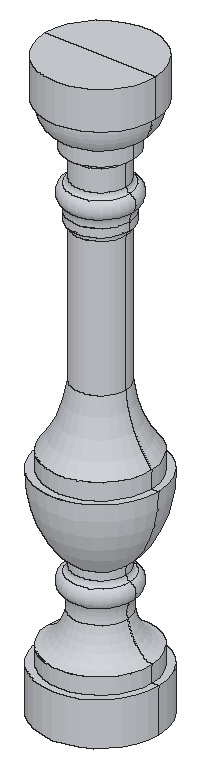
Revit family
Parameters (values of type "Balustrade R26")
  Width = 0' - 4 13/16"
  URL = "www.strombergarchitectural.com"
  Top Material = none
  Submittal Sheet = "www.strombergarchitectural.com/images/materials/gfrc/submittal/gfrc-submittal-sheet.pdf"
  Specifications = "www.strombergarchitectural.com/gfrcspecifications"
  Model Cut-sheet = "http://www.strombergarchitectural.com/products/balustrade/design/R26"
  Model = "Balustrade R26"
  Manufacturer = "Stromberg Architectural Products"
  Guidebook = "www.strombergarchitectural.com/images/materials/gfrc/handbooks/gfrc_guidebook.pdf   \r\n(http://www.strombergarchitectural.com/images/materials/gfrc/handbooks/gfrc_guidebook.pdf"
  Description = "GFRC Baluster"
  Assembly Code = ""
  Height = 2' - 1 9/16"
  XXX.5 = no
  XXX.4 = no
  XXX.3 = no
  XXX.2 = no
  XXX.1 = yes
Reference planes (in)
  plane 1 "Center (Front/Back)": y = 3.74847
  plane 2: z = 0
  plane 3 "Center (Left/Right)": x = 0.7278
  plane 4 "Front": y = -3.25153
  plane 5 "Back": y = 10.74847
Forms (in)
  Revolve 1, solid
    sketch origin (0, 3.74847, 0) x (1, 0, 0) y (0, 0, 1)
      loop
        line (-1.67454, 25.56249) -> (-1.67454, 23.90566) -> (-1.51439, 23.90566)
        spline (-1.51439, 23.90566) -> (-1.50754, 23.75119) -> (-1.4871, 23.59937) -> (-1.45343, 23.45278) -> (-1.4071, 23.31394) -> (-1.34891, 23.18523) -> (-1.27984, 23.06884) -> (-1.20109, 22.96677) -> (-1.114, 22.88077) -> (-1.02005, 22.8123) -> (-0.92086, 22.76254) -> (-0.81813, 22.73234) -> (-0.71361, 22.72222)
        line (-0.71361, 22.72222) -> (-0.71361, 22.01215) -> (-0.55345, 22.01215)
        spline (-0.55345, 22.01215) -> (-0.53255, 22.01012) -> (-0.512, 22.00408) -> (-0.49216, 21.99413) -> (-0.47337, 21.98044) -> (-0.45595, 21.96324) -> (-0.4402, 21.94282) -> (-0.42639, 21.91954) -> (-0.41475, 21.8938) -> (-0.40548, 21.86603) -> (-0.39875, 21.83672) -> (-0.39466, 21.80635) -> (-0.39329, 21.77546)
        line (-0.39329, 21.77546) -> (-0.39329, 20.8287)
        spline (-0.39329, 20.8287) -> (-0.39466, 20.7978) -> (-0.39875, 20.76744) -> (-0.40548, 20.73812) -> (-0.41475, 20.71035) -> (-0.42639, 20.68461) -> (-0.4402, 20.66133) -> (-0.45595, 20.64092) -> (-0.47337, 20.62372) -> (-0.49216, 20.61003) -> (-0.512, 20.60007) -> (-0.53255, 20.59403) -> (-0.55345, 20.59201)
        spline (-0.55345, 20.59201) -> (-0.60475, 20.58382) -> (-0.65369, 20.55962) -> (-0.698, 20.52054) -> (-0.73564, 20.46838) -> (-0.76488, 20.40554) -> (-0.78436, 20.33492) -> (-0.79319, 20.25978) -> (-0.79095, 20.18359) -> (-0.77776, 20.10986) -> (-0.75422, 20.042) -> (-0.72141, 19.98314) -> (-0.68086, 19.93598)
        spline (-0.68086, 19.93598) -> (-0.66065, 19.91089) -> (-0.64187, 19.88349) -> (-0.62463, 19.85396) -> (-0.60904, 19.82248) -> (-0.59522, 19.78927) -> (-0.58323, 19.75452) -> (-0.57316, 19.71846) -> (-0.56508, 19.68133) -> (-0.55904, 19.64337) -> (-0.55507, 19.60481) -> (-0.5532, 19.56591) -> (-0.55345, 19.5269)
        line (-0.55345, 19.5269) -> (-0.55345, 19.17187)
        spline (-0.55345, 19.17187) -> (-0.53255, 19.16984) -> (-0.512, 19.1638) -> (-0.49216, 19.15385) -> (-0.47337, 19.14016) -> (-0.45595, 19.12296) -> (-0.4402, 19.10254) -> (-0.42639, 19.07927) -> (-0.41475, 19.05352) -> (-0.40548, 19.02576) -> (-0.39875, 18.99644) -> (-0.39466, 18.96607) -> (-0.39329, 18.93518)
        line (-0.39329, 18.93518) -> (-0.39329, 12.92558)
        spline (-0.39329, 12.92558) -> (-0.42783, 12.65621) -> (-0.47407, 12.3907) -> (-0.5318, 12.13015) -> (-0.6008, 11.87566) -> (-0.68077, 11.62827) -> (-0.77138, 11.38904) -> (-0.87225, 11.15894) -> (-0.98296, 10.93895) -> (-1.10304, 10.72998) -> (-1.23201, 10.5329) -> (-1.36932, 10.34854) -> (-1.51439, 10.17766)
        line (-1.51439, 10.17766) -> (-1.51439, 9.46759) -> (-1.8347, 9.46759)
        spline (-1.8347, 9.46759) -> (-1.82359, 9.11528) -> (-1.79034, 8.76603) -> (-1.73526, 8.42286) -> (-1.65882, 8.08875) -> (-1.56167, 7.76661) -> (-1.44466, 7.45921) -> (-1.30882, 7.16924) -> (-1.15531, 6.8992) -> (-0.98546, 6.65143) -> (-0.80076, 6.4281) -> (-0.6028, 6.23112) -> (-0.39329, 6.06222)
        line (-0.39329, 6.06222) -> (-0.39329, 5.7184)
        spline (-0.39329, 5.7184) -> (-0.39466, 5.68751) -> (-0.39875, 5.65714) -> (-0.40548, 5.62783) -> (-0.41475, 5.60006) -> (-0.42639, 5.57432) -> (-0.4402, 5.55104) -> (-0.45595, 5.53063) -> (-0.47337, 5.51342) -> (-0.49216, 5.49973) -> (-0.512, 5.48978) -> (-0.53255, 5.48374) -> (-0.55345, 5.48171)
        spline (-0.55345, 5.48171) -> (-0.61563, 5.46962) -> (-0.67357, 5.43415) -> (-0.72332, 5.37773) -> (-0.7615, 5.3042) -> (-0.7855, 5.21857) -> (-0.79368, 5.12668) -> (-0.7855, 5.03479) -> (-0.7615, 4.94916) -> (-0.72332, 4.87563) -> (-0.67357, 4.81921) -> (-0.61563, 4.78374) -> (-0.55345, 4.77165)
        spline (-0.55345, 4.77165) -> (-0.52659, 4.71762) -> (-0.5027, 4.66065) -> (-0.4819, 4.60108) -> (-0.46434, 4.53927) -> (-0.45011, 4.47562) -> (-0.43932, 4.41051) -> (-0.43202, 4.34435) -> (-0.42827, 4.27755) -> (-0.42808, 4.21052) -> (-0.43145, 4.14367) -> (-0.43837, 4.07742) -> (-0.44879, 4.01218)
        spline (-0.44879, 4.01218) -> (-0.48819, 3.83563) -> (-0.53875, 3.6654) -> (-0.60001, 3.50302) -> (-0.67141, 3.34996) -> (-0.75231, 3.2076) -> (-0.84198, 3.07722) -> (-0.93962, 2.96) -> (-1.04434, 2.85699) -> (-1.1552, 2.76913) -> (-1.27119, 2.6972) -> (-1.39129, 2.64185) -> (-1.51439, 2.60359)
        line (-1.51439, 2.60359) -> (-1.51439, 1.89352) -> (-1.8347, 1.89352) -> (-1.8347, 0) -> (0.7278, 0) -> (0.7278, 25.56249) -> (-1.67454, 25.56249)
      axis (0.7278, 25.56249) -> (0.7278, 0)
    angle from 0 to 360
Dimensions and locks (in)
  aligned and locked: level to plane 2
